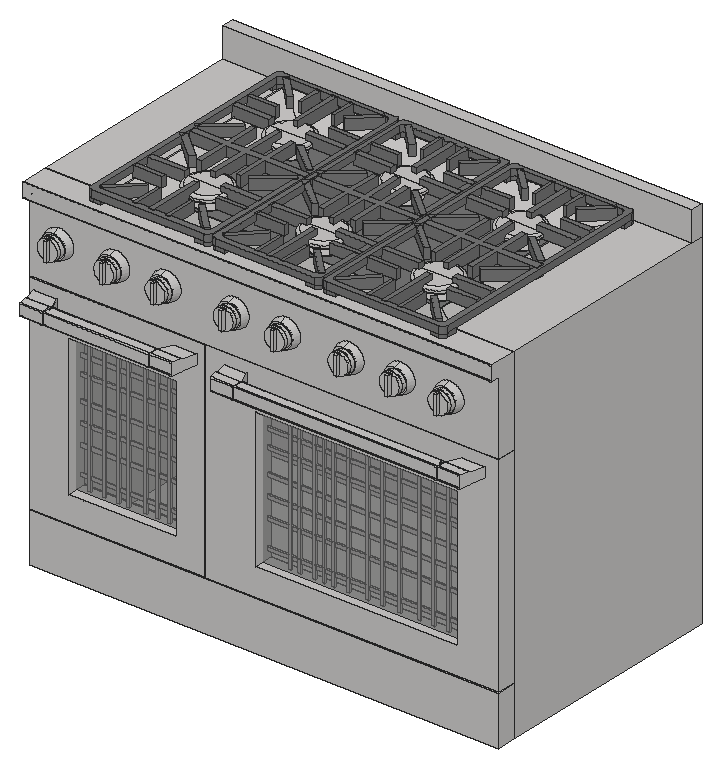
Revit family "HGPR48_Revit", category Specialty Equipment, Revit 2014 (continued)
Dimensions and locks (in)
  equal spacing: plane 4, plane 1 "Center (Front/Back)", plane 5
  "Depth": plane 4 to plane 5
  "Height": plane 8 to plane 2
  plane 5 to plane 4 = 24"
  plane 9 to plane 4 = 26"
  plane 11 to plane 4 = 26 7/8"
  plane 12 to plane 4 = 28 1/2"
  locked: plane 13 to plane 8 at 1.0625
  locked: plane 8 to plane 14 at 1.5
  Extrusion 2 sketch curve to Extrusion 2 sketch curve = 9"
  plane 15 to plane 8 = 3"
  plane 16 to plane 4 = 1 1/4"
  aligned and locked: level to plane 2
  aligned and locked: plane 4 to Extrusion 1
  aligned and locked: Extrusion 1 to plane 5
  aligned and locked: Extrusion 2 to plane 6
  aligned and locked: plane 7 to Extrusion 2
  aligned and locked: Extrusion 21 to Extrusion 17
  aligned and locked: Extrusion 53 to plane 6
Automatic sketch dimensions
  Extrusion 1 sketch curve to plane 6 = 0"
  Extrusion 1 sketch curve to plane 8 = 0"  (x2)
  Extrusion 1 sketch curve to plane 7 = 0"
  Extrusion 1 sketch curve to plane 10 = 0"
  plane 6 to Extrusion 1 sketch curve = 0.54402"
  Extrusion 1 sketch curve to plane 7 = 0.33098"
  plane 10 to Extrusion 1 sketch curve = 0.38848"
  Extrusion 2 sketch curve to plane 11 = 0"
  Extrusion 2 sketch curve to plane 8 = 0"
  Extrusion 2 sketch curve to plane 14 = 0"
  Extrusion 2 sketch curve to plane 9 = 0"  (x2)
  Extrusion 2 sketch curve to plane 5 = 0"  (x2)
  plane 11 to Extrusion 2 sketch curve = 0.03053"
  Extrusion 2 sketch curve to Extrusion 2 sketch curve = 1/32"  (x2)
  plane 10 to Extrusion 2 sketch curve = 4.96852"
  Extrusion 2 sketch curve to plane 10 = 0.03148"
  plane 6 to Extrusion 3 sketch curve = 3.95746"
  Extrusion 3 sketch curve to plane 3 "Center (Left/Right)" = 8.99618"
  Extrusion 3 sketch curve to plane 3 "Center (Left/Right)" = 0.88482"
  Extrusion 3 sketch curve to plane 7 = 4.16754"
  plane 10 to Extrusion 3 sketch curve = 7.87749"  (x2)
  Extrusion 3 sketch curve to plane 14 = 11.87251"
  Extrusion 3 sketch curve to Extrusion 3 sketch curve = 0"
  Revolve 4 sketch curve to plane 10 = 0"
  Revolve 4 sketch curve to level = 0"
  plane 5 to Revolve 4 sketch curve = 1 3/4"
  level to Revolve 4 sketch curve = 0.64613"
  Revolve 4 sketch curve to Revolve 4 sketch curve = 0.10387"  (x2)
  Revolve 4 sketch curve to Revolve 4 sketch curve = 0.04885"
  Revolve 4 sketch curve to Revolve 4 sketch curve = 0.71521"
  level to Revolve 4 sketch curve = 0.08461"
  Revolve 4 sketch curve to Revolve 4 sketch curve = 0.61135"
  Revolve 4 sketch curve to Revolve 4 sketch curve = 0.35387"
  Revolve 4 sketch curve to plane 10 = 0.38394"
  plane 10 to Revolve 5 sketch curve = 0.02133"
  plane 5 to Revolve 5 sketch curve = 1.75446"
  level to Revolve 5 sketch curve = 0.66746"
  Revolve 5 sketch curve to Revolve 5 sketch curve = 0.10387"  (x2)
  level to Revolve 5 sketch curve = 0.02133"
  Revolve 5 sketch curve to Revolve 5 sketch curve = 0.04885"
  Revolve 5 sketch curve to Revolve 5 sketch curve = 0.71521"
  Revolve 5 sketch curve to Revolve 5 sketch curve = 0.08461"
  Revolve 5 sketch curve to Revolve 5 sketch curve = 0.61135"
  Revolve 5 sketch curve to plane 10 = 0.36261"
  Revolve 5 sketch curve to Revolve 5 sketch curve = 0.61606"
  Revolve 6 sketch curve to plane 10 = 0"
  Revolve 6 sketch curve to level = 0"
  Revolve 6 sketch curve to plane 4 = 1 3/4"
  level to Revolve 6 sketch curve = 0.64613"
  Revolve 6 sketch curve to Revolve 6 sketch curve = 0.10387"  (x2)
  Revolve 6 sketch curve to Revolve 6 sketch curve = 0.04885"
  Revolve 6 sketch curve to Revolve 6 sketch curve = 0.71521"
  level to Revolve 6 sketch curve = 0.08461"
  Revolve 6 sketch curve to Revolve 6 sketch curve = 0.61135"
  Revolve 6 sketch curve to plane 10 = 0.38394"
  Revolve 6 sketch curve to Revolve 6 sketch curve = 0.61606"
  plane 10 to Revolve 7 sketch curve = 0.02133"
  Revolve 7 sketch curve to plane 4 = 1.74554"
  level to Revolve 7 sketch curve = 0.66746"
  Revolve 7 sketch curve to Revolve 7 sketch curve = 0.10387"  (x2)
  level to Revolve 7 sketch curve = 0.02133"
  Revolve 7 sketch curve to Revolve 7 sketch curve = 0.04885"
  Revolve 7 sketch curve to Revolve 7 sketch curve = 0.71521"
  Revolve 7 sketch curve to Revolve 7 sketch curve = 0.08461"
  Revolve 7 sketch curve to Revolve 7 sketch curve = 0.61135"
  Revolve 7 sketch curve to Revolve 7 sketch curve = 0.35387"
  Revolve 7 sketch curve to plane 10 = 0.36261"
  Extrusion 8 sketch curve to Extrusion 1 = 0"  (x4)
  plane 6 to Extrusion 9 sketch curve = 4.82012"
  Extrusion 9 sketch curve to Extrusion 9 sketch curve = 75/256"  (x21)
  Extrusion 9 sketch curve to Extrusion 9 sketch curve = 1 53/256"  (x6)
  Extrusion 9 sketch curve to Extrusion 9 sketch curve = 0.69186"  (x2)
  Extrusion 9 sketch curve to Extrusion 9 sketch curve = 1 117/256"
  Extrusion 9 sketch curve to Extrusion 9 sketch curve = 0.93149"  (x2)
  Extrusion 9 sketch curve to Extrusion 9 sketch curve = 1 181/256"  (x2)
  Extrusion 9 sketch curve to Extrusion 9 sketch curve = 1.03146"
  plane 3 "Center (Left/Right)" to Extrusion 9 sketch curve = 1.36518"
  Extrusion 9 sketch curve to Extrusion 9 sketch curve = 181/256"  (x2)
  Extrusion 9 sketch curve to Extrusion 9 sketch curve = 1.18149"
  Extrusion 9 sketch curve to Extrusion 9 sketch curve = 1.69373"
  Extrusion 9 sketch curve to Extrusion 9 sketch curve = 1.47037"
  plane 10 to Extrusion 9 sketch curve = 7.73528"
  Extrusion 9 sketch curve to Extrusion 9 sketch curve = 0"  (x34)
  plane 10 to Extrusion 9 sketch curve = 7.79033"  (x2)
  Extrusion 9 sketch curve to Extrusion 9 sketch curve = 0.05505"  (x4)
  Extrusion 9 sketch curve to plane 14 = 12.01472"
  plane 6 to Extrusion 10 sketch curve = 3.95746"  (x2)
  Extrusion 10 sketch curve to Extrusion 10 sketch curve = 0"  (x14)
  Extrusion 10 sketch curve to plane 3 "Center (Left/Right)" = 8.91754"
  Extrusion 10 sketch curve to plane 3 "Center (Left/Right)" = 0.91754"  (x6)
  Extrusion 10 sketch curve to plane 7 = 4.16754"
  plane 10 to Extrusion 10 sketch curve = 8.84665"  (x2)
  Extrusion 10 sketch curve to Extrusion 10 sketch curve = 0.38211"  (x12)
  Extrusion 10 sketch curve to Extrusion 10 sketch curve = 2.36789"  (x2)
  Extrusion 10 sketch curve to Extrusion 10 sketch curve = 1.61789"  (x4)
  Extrusion 10 sketch curve to Extrusion 10 sketch curve = 2.11789"  (x2)
  Extrusion 10 sketch curve to Extrusion 10 sketch curve = 1.36789"  (x2)
  Revolve 11 sketch curve to plane 9 = 0"
  plane 11 to Revolve 11 sketch curve = 1/8"
  Revolve 11 sketch curve to plane 11 = 0.26351"
  Revolve 11 sketch curve to Revolve 11 sketch curve = 0.33385"
  Revolve 11 sketch curve to plane 14 = 3.49702"
  Revolve 11 sketch curve to Revolve 11 sketch curve = 1.02677"
  Revolve 11 sketch curve to Revolve 11 sketch curve = 0.06726"
  Revolve 11 sketch curve to Revolve 11 sketch curve = 0.13737"
  Revolve 11 sketch curve to Revolve 11 sketch curve = 0.20096"
  Revolve 11 sketch curve to plane 9 = 1/4"
  Revolve 11 sketch curve to plane 11 = 1/8"
  Revolve 11 sketch curve to Revolve 11 sketch curve = 0"
  Extrusion 12 sketch curve to plane 7 = 5.20271"
  Extrusion 12 sketch curve to Extrusion 12 sketch curve = 0.30095"
  Extrusion 12 sketch curve to plane 14 = 4.4534"
  Extrusion 12 sketch curve to Extrusion 12 sketch curve = 1.89996"
  Blend 13 sketch curve to plane 5 = 0"
  Blend 13 sketch curve to plane 4 = 1.22905"
  plane 6 to Blend 13 sketch curve = 6.60652"
  Blend 13 sketch curve to plane 7 = 6.39348"
  plane 5 to Blend 13 sketch curve = 2.80878"
  plane 6 to Blend 13 sketch curve = 9.65712"
  Blend 13 sketch curve to plane 7 = 9.84288"
  Blend 13 sketch curve to plane 4 = 4.19122"
  Blend 14 sketch curve to plane 5 = 0"
  Blend 14 sketch curve to plane 4 = 1.47905"
  plane 6 to Blend 14 sketch curve = 6.60652"
  Blend 14 sketch curve to plane 7 = 6.39348"
  plane 5 to Blend 14 sketch curve = 3.54791"
  plane 6 to Blend 14 sketch curve = 10.65712"
  Blend 14 sketch curve to plane 7 = 10.34288"
  Blend 14 sketch curve to plane 4 = 4.93035"
  Blend 13 to Extrusion 15 sketch curve = 0.73913"  (x2)
  Blend 13 to Extrusion 15 sketch curve = 1/2"
  Blend 13 to Extrusion 15 sketch curve = 1"
  plane 8 to Revolve 16 sketch curve = 1/32"
  plane 6 to Revolve 16 sketch curve = 10 1/8"
  Revolve 16 sketch curve to plane 8 = 0.3223"
  Revolve 16 sketch curve to Revolve 16 sketch curve = 0"  (x2)
  Revolve 16 sketch curve to Revolve 16 sketch curve = 0.08277"
  Revolve 16 sketch curve to plane 8 = 0.09852"
  Revolve 16 sketch curve to Revolve 16 sketch curve = 0.047"  (x2)
  Revolve 16 sketch curve to plane 8 = 0.19253"
  plane 14 to Revolve 16 sketch curve = 0.70035"
  Revolve 16 sketch curve to Revolve 16 sketch curve = 0.1853"
  Revolve 16 sketch curve to Revolve 16 sketch curve = 1/4"
  Revolve 16 sketch curve to Revolve 16 sketch curve = 0.0647"
  plane 14 to Revolve 16 sketch curve = 0.55589"
  Revolve 16 sketch curve to Revolve 16 sketch curve = 0.53915"
  Revolve 16 sketch curve to plane 14 = 0.23056"
  Revolve 16 sketch curve to Revolve 16 sketch curve = 0.45405"
  Revolve 16 sketch curve to Revolve 16 sketch curve = 1.0715"
  plane 8 to Revolve 16 sketch curve = 9/32"
  plane 14 to Revolve 16 sketch curve = 0.63472"
  Revolve 16 sketch curve to Revolve 16 sketch curve = 0.10347"
  Extrusion 17 sketch curve to plane 9 = 0"  (x3)
  plane 9 to Extrusion 17 sketch curve = 1/2"
  plane 6 to Extrusion 17 sketch curve = 5.85652"
  Extrusion 17 sketch curve to Extrusion 17 sketch curve = 1/2"  (x15)
  Extrusion 17 sketch curve to Extrusion 17 sketch curve = 0.01964"
  Extrusion 17 sketch curve to Extrusion 17 sketch curve = 0.51964"  (x5)
  Extrusion 17 sketch curve to plane 4 = 1.97156"  (x2)
  Extrusion 17 sketch curve to plane 3 "Center (Left/Right)" = 6.68634"  (x2)
  Extrusion 17 sketch curve to plane 5 = 0.90906"
  Extrusion 17 sketch curve to Extrusion 17 sketch curve = 0.49884"  (x5)
  Extrusion 17 sketch curve to Extrusion 17 sketch curve = 3/16"
  Extrusion 17 sketch curve to plane 4 = 2.47156"
  plane 3 "Center (Left/Right)" to Extrusion 17 sketch curve = 4.62384"  (x2)
  plane 9 to Extrusion 17 sketch curve = 0.59094"  (x2)
  Extrusion 17 sketch curve to Extrusion 17 sketch curve = 0.23152"
  Extrusion 17 sketch curve to plane 7 = 6.62616"  (x2)
  Extrusion 17 sketch curve to Extrusion 17 sketch curve = 0.55501"  (x2)
  Extrusion 17 sketch curve to Extrusion 17 sketch curve = 0.05501"
  plane 8 to Revolve 18 sketch curve = 1/32"
  plane 6 to Revolve 18 sketch curve = 10 1/8"
  Revolve 18 sketch curve to plane 8 = 0.3223"
  Revolve 18 sketch curve to Revolve 18 sketch curve = 0"  (x2)
  Revolve 18 sketch curve to Revolve 18 sketch curve = 0.08277"
  Revolve 18 sketch curve to plane 8 = 0.09852"
  Revolve 18 sketch curve to Revolve 18 sketch curve = 0.047"  (x2)
  Revolve 18 sketch curve to plane 8 = 0.19253"
  plane 14 to Revolve 18 sketch curve = 0.70035"
  Revolve 18 sketch curve to Revolve 18 sketch curve = 0.1853"
  Revolve 18 sketch curve to Revolve 18 sketch curve = 1/4"  (x3)
  plane 14 to Revolve 18 sketch curve = 0.55589"
  Revolve 18 sketch curve to Revolve 18 sketch curve = 0.53915"
  Revolve 18 sketch curve to plane 14 = 0.23056"
  Revolve 18 sketch curve to Revolve 18 sketch curve = 0.45405"
  Revolve 18 sketch curve to Revolve 18 sketch curve = 1.0715"
  Revolve 18 sketch curve to Revolve 18 sketch curve = 0.10347"
  plane 14 to Revolve 18 sketch curve = 0.63472"
  plane 8 to Revolve 19 sketch curve = 1/32"
  Revolve 19 sketch curve to plane 7 = 9 3/4"
  Revolve 19 sketch curve to plane 8 = 0.3223"
  Revolve 19 sketch curve to Revolve 19 sketch curve = 0"  (x2)
  Revolve 19 sketch curve to Revolve 19 sketch curve = 0.08277"
  Revolve 19 sketch curve to plane 8 = 0.09852"
  Revolve 19 sketch curve to Revolve 19 sketch curve = 0.047"  (x2)
  Revolve 19 sketch curve to plane 8 = 0.19253"
  plane 14 to Revolve 19 sketch curve = 0.70035"
  Revolve 19 sketch curve to Revolve 19 sketch curve = 0.1853"
  Revolve 19 sketch curve to Revolve 19 sketch curve = 1/4"  (x2)
  Revolve 19 sketch curve to Revolve 19 sketch curve = 0.0647"
  plane 14 to Revolve 19 sketch curve = 0.55589"
  Revolve 19 sketch curve to Revolve 19 sketch curve = 0.53915"
  Revolve 19 sketch curve to plane 14 = 0.23056"
  Revolve 19 sketch curve to Revolve 19 sketch curve = 0.45405"
  Revolve 19 sketch curve to Revolve 19 sketch curve = 1.0715"
  Revolve 19 sketch curve to Revolve 19 sketch curve = 0.10347"
  plane 14 to Revolve 19 sketch curve = 0.63472"
  plane 8 to Revolve 20 sketch curve = 1/32"
  Revolve 20 sketch curve to plane 7 = 9 3/4"
  Revolve 20 sketch curve to plane 8 = 0.3223"
  Revolve 20 sketch curve to Revolve 20 sketch curve = 0"  (x2)
  Revolve 20 sketch curve to Revolve 20 sketch curve = 0.08277"
  Revolve 20 sketch curve to plane 8 = 0.09852"
  Revolve 20 sketch curve to Revolve 20 sketch curve = 0.047"  (x2)
  Revolve 20 sketch curve to plane 8 = 0.19253"
  plane 14 to Revolve 20 sketch curve = 0.70035"
  Revolve 20 sketch curve to Revolve 20 sketch curve = 0.1853"
  Revolve 20 sketch curve to Revolve 20 sketch curve = 1/4"  (x2)
  plane 14 to Revolve 20 sketch curve = 0.55589"
  Revolve 20 sketch curve to Revolve 20 sketch curve = 0.53915"
  Revolve 20 sketch curve to plane 14 = 0.23056"
  Revolve 20 sketch curve to Revolve 20 sketch curve = 0.45405"
  Revolve 20 sketch curve to Revolve 20 sketch curve = 1.0715"
  plane 8 to Revolve 20 sketch curve = 9/32"
  plane 14 to Revolve 20 sketch curve = 0.63472"
  Revolve 20 sketch curve to Revolve 20 sketch curve = 0.10347"
  Extrusion 21 sketch curve to plane 5 = 0.49042"  (x2)
  plane 6 to Extrusion 21 sketch curve = 5.85652"  (x2)
  Extrusion 21 sketch curve to plane 4 = 1.91655"
  plane 9 to Extrusion 21 sketch curve = 0.04155"  (x6)
  Extrusion 21 sketch curve to Extrusion 21 sketch curve = 1/2"  (x18)
  Extrusion 21 sketch curve to Extrusion 21 sketch curve = 0.51964"  (x16)
  Extrusion 21 sketch curve to Extrusion 21 sketch curve = 0.38691"  (x12)
  Extrusion 21 sketch curve to plane 3 "Center (Left/Right)" = 7.13575"  (x2)
  Extrusion 21 sketch curve to plane 4 = 1.41655"  (x3)
  Extrusion 21 sketch curve to Extrusion 21 sketch curve = 0.22919"  (x2)
  Extrusion 21 sketch curve to Extrusion 21 sketch curve = 0.01964"  (x2)
  plane 9 to Extrusion 21 sketch curve = 0.59656"
  plane 3 "Center (Left/Right)" to Extrusion 21 sketch curve = 4.19523"  (x2)
  Extrusion 21 sketch curve to Extrusion 21 sketch curve = 0.2524"  (x2)
  Extrusion 21 sketch curve to plane 7 = 7.01308"  (x2)
  Extrusion 21 sketch curve to Extrusion 21 sketch curve = 0.55501"  (x4)
  Extrusion 21 sketch curve to Extrusion 21 sketch curve = 0.05501"
  Extrusion 21 sketch curve to Extrusion 21 sketch curve = 0.41301"  (x10)
  Extrusion 21 sketch curve to Extrusion 21 sketch curve = 0.96803"  (x4)
  Extrusion 21 sketch curve to Extrusion 21 sketch curve = 0"  (x4)
  plane 1 "Center (Front/Back)" to Extrusion 22 sketch curve = 0.33908"  (x6)
  plane 6 to Extrusion 22 sketch curve = 5.97767"
  plane 1 "Center (Front/Back)" to Extrusion 22 sketch curve = 2.22905"  (x6)
  Extrusion 22 sketch curve to Extrusion 22 sketch curve = 0"  (x29)
  plane 1 "Center (Front/Back)" to Extrusion 22 sketch curve = 0.69263"  (x6)
  Extrusion 22 sketch curve to Extrusion 22 sketch curve = 0.35355"  (x32)
  plane 1 "Center (Front/Back)" to Extrusion 22 sketch curve = 1.8755"  (x6)
  Extrusion 22 sketch curve to Extrusion 22 sketch curve = 0.04494"  (x3)
  Extrusion 22 sketch curve to plane 4 = 2.0588"  (x3)
  plane 6 to Extrusion 22 sketch curve = 6.75116"
  Extrusion 22 sketch curve to Extrusion 22 sketch curve = 3/8"
  Extrusion 22 sketch curve to Extrusion 22 sketch curve = 0.39849"
  Extrusion 22 sketch curve to plane 5 = 0.88433"  (x3)
  Extrusion 22 sketch curve to plane 4 = 1.71597"  (x6)
  Extrusion 22 sketch curve to Extrusion 22 sketch curve = 0.34283"  (x12)
  plane 9 to Extrusion 22 sketch curve = 0.77284"  (x6)
  Extrusion 22 sketch curve to plane 1 "Center (Front/Back)" = 2.19784"  (x4)
  Extrusion 22 sketch curve to Extrusion 22 sketch curve = 2.56177"  (x4)
  plane 5 to Extrusion 22 sketch curve = 1.76732"  (x6)
  Extrusion 22 sketch curve to plane 4 = 4.33545"  (x4)
  Extrusion 22 sketch curve to plane 1 "Center (Front/Back)" = 1.84429"  (x6)
  plane 1 "Center (Front/Back)" to Extrusion 22 sketch curve = 4.41242"  (x4)
  Extrusion 22 sketch curve to Extrusion 22 sketch curve = 0.34835"  (x6)
  Extrusion 22 sketch curve to Extrusion 22 sketch curve = 0.44539"  (x5)
  Extrusion 22 sketch curve to Extrusion 22 sketch curve = 0.74123"  (x5)
  Extrusion 22 sketch curve to plane 4 = 1.87314"  (x7)
  Extrusion 22 sketch curve to Extrusion 22 sketch curve = 0.46763"  (x20)
  Extrusion 22 sketch curve to Extrusion 22 sketch curve = 0.84662"  (x5)
  Extrusion 22 sketch curve to Extrusion 22 sketch curve = 0.34263"  (x12)
  plane 9 to Extrusion 22 sketch curve = 0.55501"  (x9)
  Extrusion 22 sketch curve to Extrusion 22 sketch curve = 1.28237"
  Extrusion 22 sketch curve to Extrusion 22 sketch curve = 1.51409"
  Extrusion 22 sketch curve to Extrusion 22 sketch curve = 1.53237"  (x4)
  Extrusion 22 sketch curve to Extrusion 22 sketch curve = 1.31473"  (x2)
  Extrusion 22 sketch curve to Extrusion 22 sketch curve = 0.22784"  (x3)
  Extrusion 22 sketch curve to Extrusion 22 sketch curve = 1.7602"
  plane 5 to Extrusion 22 sketch curve = 1.42449"  (x2)
  Extrusion 22 sketch curve to Extrusion 22 sketch curve = 0.70886"  (x6)
  Extrusion 22 sketch curve to Extrusion 22 sketch curve = 0.50401"  (x6)
  Extrusion 22 sketch curve to Extrusion 22 sketch curve = 0.94946"  (x5)
  Extrusion 22 sketch curve to Extrusion 22 sketch curve = 2.98551"  (x3)
  Extrusion 22 sketch curve to Extrusion 22 sketch curve = 3.46427"  (x3)
  Extrusion 22 sketch curve to Extrusion 22 sketch curve = 3"  (x5)
  Extrusion 22 sketch curve to Extrusion 22 sketch curve = 0.29017"  (x2)
  Extrusion 22 sketch curve to Extrusion 22 sketch curve = 0.45534"  (x2)
  Extrusion 22 sketch curve to Extrusion 22 sketch curve = 2.06095"
  Extrusion 22 sketch curve to Extrusion 22 sketch curve = 1.06483"  (x4)
  Extrusion 22 sketch curve to Extrusion 22 sketch curve = 1.31095"
  Extrusion 22 sketch curve to plane 3 "Center (Left/Right)" = 2.56207"  (x2)
  Extrusion 22 sketch curve to plane 3 "Center (Left/Right)" = 2.47219"
  Extrusion 22 sketch curve to plane 3 "Center (Left/Right)" = 1.38813"
  Extrusion 22 sketch curve to plane 3 "Center (Left/Right)" = 1.27721"  (x2)
  Extrusion 22 sketch curve to plane 3 "Center (Left/Right)" = 0.13813"  (x4)
  plane 3 "Center (Left/Right)" to Extrusion 22 sketch curve = 0.32951"  (x4)
  Extrusion 22 sketch curve to Extrusion 22 sketch curve = 0.93973"
  plane 3 "Center (Left/Right)" to Extrusion 22 sketch curve = 1.26924"
  Extrusion 22 sketch curve to Extrusion 22 sketch curve = 1.15737"  (x2)
  Extrusion 22 sketch curve to Extrusion 22 sketch curve = 1.3852"  (x2)
  Extrusion 22 sketch curve to Extrusion 22 sketch curve = 3.36051"
  Extrusion 22 sketch curve to Extrusion 22 sketch curve = 2.74927"
  Extrusion 22 sketch curve to Extrusion 22 sketch curve = 0.26872"
  Extrusion 22 sketch curve to Extrusion 22 sketch curve = 0.20301"  (x2)
  Extrusion 22 sketch curve to Extrusion 22 sketch curve = 13/16"  (x4)
  Extrusion 22 sketch curve to Extrusion 22 sketch curve = 1.80862"
  Extrusion 22 sketch curve to Extrusion 22 sketch curve = 1.05862"
  Extrusion 22 sketch curve to Extrusion 22 sketch curve = 1.38909"  (x2)
  Extrusion 22 sketch curve to Extrusion 22 sketch curve = 1.40737"  (x2)
  Extrusion 22 sketch curve to Extrusion 22 sketch curve = 2.81473"
  Extrusion 22 sketch curve to Extrusion 22 sketch curve = 1.18973"
  Extrusion 22 sketch curve to Extrusion 22 sketch curve = 0.2768"  (x12)
  Extrusion 22 sketch curve to Extrusion 22 sketch curve = 1.46121"  (x7)
  Extrusion 22 sketch curve to Extrusion 22 sketch curve = 7/16"  (x12)
  Extrusion 22 sketch curve to Extrusion 22 sketch curve = 0.65897"  (x3)
  Extrusion 22 sketch curve to Extrusion 22 sketch curve = 1.36641"  (x8)
  Extrusion 22 sketch curve to Extrusion 22 sketch curve = 0.70743"  (x5)
  Extrusion 22 sketch curve to Extrusion 22 sketch curve = 0.5795"  (x12)
  Extrusion 22 sketch curve to Extrusion 22 sketch curve = 0.89493"  (x5)
  Extrusion 22 sketch curve to Extrusion 22 sketch curve = 1.62209"  (x2)
  Extrusion 22 sketch curve to Extrusion 22 sketch curve = 0.33071"  (x10)
  Extrusion 22 sketch curve to Extrusion 22 sketch curve = 0.02284"  (x2)
  plane 1 "Center (Front/Back)" to Extrusion 22 sketch curve = 1.63544"  (x4)
  Extrusion 22 sketch curve to Extrusion 22 sketch curve = 0.59361"  (x2)
  Extrusion 22 sketch curve to Extrusion 22 sketch curve = 0.24006"  (x2)
  Extrusion 22 sketch curve to Extrusion 22 sketch curve = 0.70275"  (x4)
  Extrusion 22 sketch curve to Extrusion 22 sketch curve = 0.19305"  (x3)
  Extrusion 22 sketch curve to Extrusion 22 sketch curve = 3/4"  (x3)
  Extrusion 22 sketch curve to Extrusion 22 sketch curve = 1.64493"  (x4)
  plane 8 to Revolve 23 sketch curve = 1/32"
  plane 3 "Center (Left/Right)" to Revolve 23 sketch curve = 2 1/2"
  Revolve 23 sketch curve to plane 8 = 0.3223"
  Revolve 23 sketch curve to Revolve 23 sketch curve = 0"
  Revolve 23 sketch curve to Revolve 23 sketch curve = 0.08277"
  Revolve 23 sketch curve to plane 8 = 0.09852"
  Revolve 23 sketch curve to Revolve 23 sketch curve = 0.047"  (x2)
  Revolve 23 sketch curve to plane 8 = 0.19253"
  plane 14 to Revolve 23 sketch curve = 0.70035"
  Revolve 23 sketch curve to Revolve 23 sketch curve = 0.1853"
  Revolve 23 sketch curve to Revolve 23 sketch curve = 1/4"  (x2)
  Revolve 23 sketch curve to Revolve 23 sketch curve = 0.0647"
  plane 14 to Revolve 23 sketch curve = 0.55589"
  Revolve 23 sketch curve to Revolve 23 sketch curve = 0.53915"
  Revolve 23 sketch curve to plane 14 = 0.23056"
  Revolve 23 sketch curve to Revolve 23 sketch curve = 0.45405"
  plane 3 "Center (Left/Right)" to Revolve 23 sketch curve = 1/4"  (x2)
  Revolve 23 sketch curve to Revolve 23 sketch curve = 0.10347"
  plane 14 to Revolve 23 sketch curve = 0.63472"
  plane 8 to Revolve 24 sketch curve = 1/32"
  plane 3 "Center (Left/Right)" to Revolve 24 sketch curve = 2 1/2"
  Revolve 24 sketch curve to plane 8 = 0.3223"
  Revolve 24 sketch curve to Revolve 24 sketch curve = 0"
  Revolve 24 sketch curve to Revolve 24 sketch curve = 0.08277"
  Revolve 24 sketch curve to plane 8 = 0.09852"
  Revolve 24 sketch curve to Revolve 24 sketch curve = 0.047"  (x2)
  Revolve 24 sketch curve to plane 8 = 0.19253"
  plane 14 to Revolve 24 sketch curve = 0.70035"
  Revolve 24 sketch curve to Revolve 24 sketch curve = 0.1853"
  Revolve 24 sketch curve to Revolve 24 sketch curve = 1/4"  (x2)
  plane 14 to Revolve 24 sketch curve = 0.55589"
  Revolve 24 sketch curve to Revolve 24 sketch curve = 0.53915"
  Revolve 24 sketch curve to plane 14 = 0.23056"
  Revolve 24 sketch curve to Revolve 24 sketch curve = 0.45405"
  plane 3 "Center (Left/Right)" to Revolve 24 sketch curve = 1/4"  (x2)
  plane 8 to Revolve 24 sketch curve = 9/32"
  plane 14 to Revolve 24 sketch curve = 0.63472"
  Revolve 24 sketch curve to Revolve 24 sketch curve = 0.10347"
  Extrusion 25 sketch curve to plane 5 = 0"  (x2)
  plane 6 to Extrusion 25 sketch curve = 0.54402"
  Extrusion 25 sketch curve to Extrusion 25 sketch curve = 6 1/16"
  Extrusion 25 sketch curve to plane 7 = 6.39348"
  Extrusion 25 sketch curve to plane 7 = 0.33098"
  Extrusion 25 sketch curve to plane 4 = 0.60405"  (x2)
  plane 10 to Revolve 26 sketch curve = 0.02133"
  plane 5 to Revolve 26 sketch curve = 1.75446"
  level to Revolve 26 sketch curve = 0.66746"
  Revolve 26 sketch curve to Revolve 26 sketch curve = 0.10387"  (x2)
  level to Revolve 26 sketch curve = 0.02133"
  Revolve 26 sketch curve to Revolve 26 sketch curve = 0.04885"
  Revolve 26 sketch curve to Revolve 26 sketch curve = 0.71521"
  Revolve 26 sketch curve to Revolve 26 sketch curve = 0.08461"
  Revolve 26 sketch curve to Revolve 26 sketch curve = 0.61135"
  Revolve 26 sketch curve to plane 10 = 0.36261"
  Revolve 26 sketch curve to Revolve 26 sketch curve = 0.61606"
  plane 10 to Revolve 27 sketch curve = 0.02133"
  Revolve 27 sketch curve to plane 4 = 1.74554"
  level to Revolve 27 sketch curve = 0.66746"
  Revolve 27 sketch curve to Revolve 27 sketch curve = 0.10387"  (x2)
  level to Revolve 27 sketch curve = 0.02133"
  Revolve 27 sketch curve to Revolve 27 sketch curve = 0.04885"
  Revolve 27 sketch curve to Revolve 27 sketch curve = 0.71521"
  Revolve 27 sketch curve to Revolve 27 sketch curve = 0.08461"
  Revolve 27 sketch curve to Revolve 27 sketch curve = 0.61135"
  Revolve 27 sketch curve to Revolve 27 sketch curve = 0.35387"
  Revolve 27 sketch curve to plane 10 = 0.36261"
  Extrusion 28 sketch curve to plane 12 = 0"
  Extrusion 28 sketch curve to plane 9 = 0"
  Extrusion 28 sketch curve to Extrusion 28 sketch curve = 0.07567"
  plane 12 to Extrusion 28 sketch curve = 0.07689"
  Extrusion 28 sketch curve to plane 11 = 0.67"
  Extrusion 28 sketch curve to plane 11 = 0.66087"
  Extrusion 28 sketch curve to Extrusion 28 sketch curve = 0.06124"
  Extrusion 28 sketch curve to Extrusion 28 sketch curve = 0.07682"
  Extrusion 28 sketch curve to Extrusion 28 sketch curve = 0.05381"
  Extrusion 28 sketch curve to Extrusion 28 sketch curve = 0.04883"
  Extrusion 28 sketch curve to Extrusion 28 sketch curve = 0.03954"  (x2)
  Extrusion 28 sketch curve to Extrusion 28 sketch curve = 0.04388"
  Extrusion 28 sketch curve to plane 14 = 9 53/64"
  Extrusion 28 sketch curve to Extrusion 28 sketch curve = 0.02537"
  Extrusion 28 sketch curve to Extrusion 28 sketch curve = 0.01427"
  Extrusion 28 sketch curve to Extrusion 28 sketch curve = 1.05476"
  Extrusion 28 sketch curve to Extrusion 28 sketch curve = 0.00981"
  Extrusion 28 sketch curve to Extrusion 28 sketch curve = 0.01818"
  Extrusion 28 sketch curve to Extrusion 28 sketch curve = 0.03297"
  Extrusion 29 sketch curve to plane 9 = 0"
  plane 9 to Extrusion 29 sketch curve = 0.04318"
  Extrusion 29 sketch curve to plane 7 = 4.50319"
  Extrusion 29 sketch curve to Extrusion 29 sketch curve = 0.81194"
  Extrusion 29 sketch curve to plane 12 = 0.28043"
  Extrusion 29 sketch curve to plane 7 = 2.04901"
  Extrusion 29 sketch curve to plane 7 = 1.43597"
  Extrusion 29 sketch curve to plane 9 = 1/8"
  Extrusion 29 sketch curve to Extrusion 29 sketch curve = 0.21651"
  plane 12 to Extrusion 29 sketch curve = 0.63036"
  Extrusion 30 sketch curve to plane 12 = 0"
  Extrusion 30 sketch curve to plane 9 = 0"
  Extrusion 30 sketch curve to Extrusion 30 sketch curve = 0.07567"
  plane 12 to Extrusion 30 sketch curve = 0.07689"
  Extrusion 30 sketch curve to plane 11 = 0.67"
  Extrusion 30 sketch curve to plane 11 = 0.66087"
  Extrusion 30 sketch curve to Extrusion 30 sketch curve = 0.06124"
  Extrusion 30 sketch curve to Extrusion 30 sketch curve = 0.07682"
  Extrusion 30 sketch curve to Extrusion 30 sketch curve = 0.05381"
  Extrusion 30 sketch curve to Extrusion 30 sketch curve = 0.04883"
  Extrusion 30 sketch curve to Extrusion 30 sketch curve = 0.03954"
  Extrusion 30 sketch curve to Extrusion 30 sketch curve = 0.04388"  (x2)
  Extrusion 30 sketch curve to plane 14 = 8 37/64"
  Extrusion 30 sketch curve to Extrusion 30 sketch curve = 0.03182"
  Extrusion 30 sketch curve to Extrusion 30 sketch curve = 0.00495"
  Extrusion 30 sketch curve to Extrusion 30 sketch curve = 1.05562"
  Extrusion 30 sketch curve to Extrusion 30 sketch curve = 0.00895"
  Extrusion 30 sketch curve to Extrusion 30 sketch curve = 0.01638"
  Extrusion 30 sketch curve to Extrusion 30 sketch curve = 0.00972"
  Extrusion 31 sketch curve to plane 9 = 0"
  Extrusion 31 sketch curve to plane 9 = 0.04318"
  plane 3 "Center (Left/Right)" to Extrusion 31 sketch curve = 0.99681"
  Extrusion 31 sketch curve to Extrusion 31 sketch curve = 0.81194"
  plane 12 to Extrusion 31 sketch curve = 0.28043"
  Extrusion 31 sketch curve to Extrusion 31 sketch curve = 2.45418"
  Extrusion 31 sketch curve to Extrusion 31 sketch curve = 2.25528"
  plane 9 to Extrusion 31 sketch curve = 1/8"
  Extrusion 31 sketch curve to Extrusion 31 sketch curve = 0.21651"
  Extrusion 31 sketch curve to plane 12 = 0.63036"
  Extrusion 32 sketch curve to plane 12 = 0"
  plane 12 to Extrusion 32 sketch curve = 0.07162"
  plane 12 to Extrusion 32 sketch curve = 0.0746"
  Extrusion 32 sketch curve to plane 11 = 0.66029"
  Extrusion 32 sketch curve to plane 11 = 0.65532"
  Extrusion 32 sketch curve to Extrusion 32 sketch curve = 0.05177"
  Extrusion 32 sketch curve to Extrusion 32 sketch curve = 0.06025"
  Extrusion 32 sketch curve to Extrusion 32 sketch curve = 0.05811"
  Extrusion 32 sketch curve to Extrusion 32 sketch curve = 0.05611"
  Extrusion 32 sketch curve to Extrusion 32 sketch curve = 0.03871"
  Extrusion 32 sketch curve to Extrusion 32 sketch curve = 0.04285"
  Extrusion 32 sketch curve to Extrusion 32 sketch curve = 0.04345"
  Extrusion 32 sketch curve to Extrusion 32 sketch curve = 0.04496"
  Extrusion 32 sketch curve to plane 11 = 0.47485"
  Extrusion 32 sketch curve to Extrusion 32 sketch curve = 0.23194"
  Extrusion 32 sketch curve to plane 11 = 0.2317"
  Extrusion 32 sketch curve to plane 14 = 9.8281"
  Extrusion 32 sketch curve to Extrusion 32 sketch curve = 0.02144"
  Extrusion 32 sketch curve to Extrusion 32 sketch curve = 0.01938"
  Extrusion 32 sketch curve to Extrusion 32 sketch curve = 0.03872"
  Extrusion 32 sketch curve to Extrusion 32 sketch curve = 0.17852"
  Extrusion 32 sketch curve to Extrusion 32 sketch curve = 0.36607"
  Extrusion 32 sketch curve to Extrusion 32 sketch curve = 0.12333"
  Extrusion 32 sketch curve to Extrusion 32 sketch curve = 0.01358"
  Extrusion 32 sketch curve to Extrusion 32 sketch curve = 0.01774"
  Extrusion 32 sketch curve to Extrusion 32 sketch curve = 0.01062"
  Extrusion 33 sketch curve to plane 12 = 0"
  Extrusion 33 sketch curve to plane 9 = 0"
  Extrusion 33 sketch curve to Extrusion 33 sketch curve = 0.07567"
  plane 12 to Extrusion 33 sketch curve = 0.07689"
  Extrusion 33 sketch curve to plane 11 = 0.67"
  Extrusion 33 sketch curve to plane 11 = 0.66087"
  Extrusion 33 sketch curve to Extrusion 33 sketch curve = 0.06124"
  Extrusion 33 sketch curve to Extrusion 33 sketch curve = 0.07682"
  Extrusion 33 sketch curve to Extrusion 33 sketch curve = 0.05381"
  Extrusion 33 sketch curve to Extrusion 33 sketch curve = 0.04883"
  Extrusion 33 sketch curve to Extrusion 33 sketch curve = 0.03954"
  Extrusion 33 sketch curve to Extrusion 33 sketch curve = 0.04388"  (x2)
  Extrusion 33 sketch curve to plane 14 = 8 37/64"
  Extrusion 33 sketch curve to Extrusion 33 sketch curve = 0.03182"
  Extrusion 33 sketch curve to Extrusion 33 sketch curve = 0.00495"
  Extrusion 33 sketch curve to Extrusion 33 sketch curve = 1.05562"
  Extrusion 33 sketch curve to Extrusion 33 sketch curve = 0.00895"
  Extrusion 33 sketch curve to Extrusion 33 sketch curve = 0.01638"
  Extrusion 33 sketch curve to Extrusion 33 sketch curve = 0.00972"
  Extrusion 34 sketch curve to plane 9 = 0"
  plane 9 to Extrusion 34 sketch curve = 0.04318"
  plane 6 to Extrusion 34 sketch curve = 3.50319"
  Extrusion 34 sketch curve to Extrusion 34 sketch curve = 0.81194"
  Extrusion 34 sketch curve to plane 12 = 0.28043"
  plane 6 to Extrusion 34 sketch curve = 1.04901"
  plane 6 to Extrusion 34 sketch curve = 0.43597"
  plane 6 to Extrusion 34 sketch curve = 0.21947"
  Extrusion 34 sketch curve to plane 9 = 1/8"
  plane 12 to Extrusion 34 sketch curve = 0.63036"
  Extrusion 35 sketch curve to plane 12 = 0"
  Extrusion 35 sketch curve to plane 9 = 0"
  Extrusion 35 sketch curve to Extrusion 35 sketch curve = 0.07567"
  plane 12 to Extrusion 35 sketch curve = 0.07689"
  Extrusion 35 sketch curve to plane 11 = 0.67"
  Extrusion 35 sketch curve to plane 11 = 0.66087"
  Extrusion 35 sketch curve to Extrusion 35 sketch curve = 0.06124"
  Extrusion 35 sketch curve to Extrusion 35 sketch curve = 0.07682"
  Extrusion 35 sketch curve to Extrusion 35 sketch curve = 0.05381"
  Extrusion 35 sketch curve to Extrusion 35 sketch curve = 0.04883"
  Extrusion 35 sketch curve to Extrusion 35 sketch curve = 0.03954"  (x2)
  Extrusion 35 sketch curve to Extrusion 35 sketch curve = 0.04388"
  Extrusion 35 sketch curve to plane 14 = 9 53/64"
  Extrusion 35 sketch curve to Extrusion 35 sketch curve = 0.02537"
  Extrusion 35 sketch curve to Extrusion 35 sketch curve = 0.01427"
  Extrusion 35 sketch curve to Extrusion 35 sketch curve = 1.05476"
  Extrusion 35 sketch curve to Extrusion 35 sketch curve = 0.00981"
  Extrusion 35 sketch curve to Extrusion 35 sketch curve = 0.01818"
  Extrusion 35 sketch curve to Extrusion 35 sketch curve = 0.03297"
  Extrusion 36 sketch curve to plane 9 = 0"
  plane 9 to Extrusion 36 sketch curve = 0.04318"
  Extrusion 36 sketch curve to plane 3 "Center (Left/Right)" = 10.00319"
  Extrusion 36 sketch curve to Extrusion 36 sketch curve = 0.81194"
  Extrusion 36 sketch curve to plane 12 = 0.28043"
  Extrusion 36 sketch curve to Extrusion 36 sketch curve = 2.45418"
  Extrusion 36 sketch curve to Extrusion 36 sketch curve = 2.25528"
  Extrusion 36 sketch curve to plane 9 = 1/8"
  Extrusion 36 sketch curve to Extrusion 36 sketch curve = 0.21651"
  plane 12 to Extrusion 36 sketch curve = 0.63036"
  Extrusion 37 sketch curve to plane 12 = 0"
  plane 12 to Extrusion 37 sketch curve = 0.07162"
  plane 12 to Extrusion 37 sketch curve = 0.0746"
  Extrusion 37 sketch curve to plane 11 = 0.66029"
  Extrusion 37 sketch curve to plane 11 = 0.65532"
  Extrusion 37 sketch curve to Extrusion 37 sketch curve = 0.05177"
  Extrusion 37 sketch curve to Extrusion 37 sketch curve = 0.06025"
  Extrusion 37 sketch curve to Extrusion 37 sketch curve = 0.05811"
  Extrusion 37 sketch curve to Extrusion 37 sketch curve = 0.05611"
  Extrusion 37 sketch curve to Extrusion 37 sketch curve = 0.03871"
  Extrusion 37 sketch curve to Extrusion 37 sketch curve = 0.04285"
  Extrusion 37 sketch curve to Extrusion 37 sketch curve = 0.04345"
  Extrusion 37 sketch curve to Extrusion 37 sketch curve = 0.04496"
  Extrusion 37 sketch curve to plane 11 = 0.47485"
  Extrusion 37 sketch curve to Extrusion 37 sketch curve = 0.23194"
  Extrusion 37 sketch curve to plane 11 = 0.2317"
  Extrusion 37 sketch curve to plane 14 = 8.57815"
  Extrusion 37 sketch curve to Extrusion 37 sketch curve = 0.02495"
  Extrusion 37 sketch curve to Extrusion 37 sketch curve = 0.01324"
  Extrusion 37 sketch curve to Extrusion 37 sketch curve = 0.04286"
  Extrusion 37 sketch curve to Extrusion 37 sketch curve = 0.12333"
  Extrusion 37 sketch curve to Extrusion 37 sketch curve = 0.38802"
  Extrusion 37 sketch curve to Extrusion 37 sketch curve = 0.17852"
  Extrusion 37 sketch curve to Extrusion 37 sketch curve = 0.01567"
  Extrusion 37 sketch curve to Extrusion 37 sketch curve = 0.00632"
  Extrusion 37 sketch curve to Extrusion 37 sketch curve = 0.0016"
  Extrusion 38 sketch curve to plane 6 = 0"
  Extrusion 38 sketch curve to plane 7 = 0"
  plane 6 to Extrusion 38 sketch curve = 3.95746"
  Extrusion 38 sketch curve to plane 3 "Center (Left/Right)" = 8.99618"
  Extrusion 38 sketch curve to Extrusion 38 sketch curve = 2.87118"
  Extrusion 38 sketch curve to Extrusion 38 sketch curve = 1/8"
  Extrusion 38 sketch curve to plane 3 "Center (Left/Right)" = 0.88482"
  Extrusion 38 sketch curve to plane 7 = 4.16754"
  plane 10 to Extrusion 38 sketch curve = 5.10914"
  Extrusion 38 sketch curve to Extrusion 38 sketch curve = 0"  (x2)
  Extrusion 38 sketch curve to Extrusion 38 sketch curve = 2.68119"
  Extrusion 38 sketch curve to Extrusion 38 sketch curve = 2.76834"
  Extrusion 38 sketch curve to plane 14 = 11.87251"  (x2)
  Extrusion 38 sketch curve to Extrusion 38 sketch curve = 4.29439"
  Revolve 39 sketch curve to plane 9 = 0"
  plane 11 to Revolve 39 sketch curve = 1/8"
  Revolve 39 sketch curve to plane 11 = 0.26351"
  Revolve 39 sketch curve to Revolve 39 sketch curve = 0.33385"
  Revolve 39 sketch curve to plane 14 = 3.49702"
  Revolve 39 sketch curve to Revolve 39 sketch curve = 1.02677"
  Revolve 39 sketch curve to Revolve 39 sketch curve = 0.06726"
  Revolve 39 sketch curve to Revolve 39 sketch curve = 0.13737"
  Revolve 39 sketch curve to Revolve 39 sketch curve = 0.20096"
  Revolve 39 sketch curve to plane 9 = 1/4"
  Revolve 39 sketch curve to plane 11 = 1/8"
  Revolve 39 sketch curve to Revolve 39 sketch curve = 0"
  Extrusion 40 sketch curve to plane 14 = 4.4534"
  Extrusion 40 sketch curve to plane 7 = 10.20271"
  Extrusion 40 sketch curve to Extrusion 40 sketch curve = 0.30095"
  Extrusion 40 sketch curve to Extrusion 40 sketch curve = 1.89996"
  Revolve 41 sketch curve to plane 9 = 0"
  plane 11 to Revolve 41 sketch curve = 1/8"
  Revolve 41 sketch curve to plane 11 = 0.26351"
  Revolve 41 sketch curve to Revolve 41 sketch curve = 0.33385"
  Revolve 41 sketch curve to plane 14 = 3.49702"
  Revolve 41 sketch curve to Revolve 41 sketch curve = 1.02677"
  Revolve 41 sketch curve to Revolve 41 sketch curve = 0.06726"
  Revolve 41 sketch curve to Revolve 41 sketch curve = 0.13737"
  Revolve 41 sketch curve to Revolve 41 sketch curve = 0.20096"
  Revolve 41 sketch curve to plane 9 = 1/4"
  Revolve 41 sketch curve to plane 11 = 1/8"
  Revolve 41 sketch curve to Revolve 41 sketch curve = 0"
  plane 3 "Center (Left/Right)" to Extrusion 42 sketch curve = 8.54729"
  Extrusion 42 sketch curve to Extrusion 42 sketch curve = 0.30095"
  Extrusion 42 sketch curve to plane 14 = 4.4534"
  Extrusion 42 sketch curve to Extrusion 42 sketch curve = 1.89996"
  Revolve 43 sketch curve to plane 9 = 0"
  plane 11 to Revolve 43 sketch curve = 1/8"
  Revolve 43 sketch curve to plane 11 = 0.26351"
  Revolve 43 sketch curve to Revolve 43 sketch curve = 0.33385"
  Revolve 43 sketch curve to plane 14 = 3.49702"
  Revolve 43 sketch curve to Revolve 43 sketch curve = 1.02677"
  Revolve 43 sketch curve to Revolve 43 sketch curve = 0.06726"
  Revolve 43 sketch curve to Revolve 43 sketch curve = 0.13737"
  Revolve 43 sketch curve to Revolve 43 sketch curve = 0.20096"
  Revolve 43 sketch curve to Revolve 43 sketch curve = 1/4"
  Revolve 43 sketch curve to plane 11 = 1/8"
  Revolve 43 sketch curve to Revolve 43 sketch curve = 0"
  Extrusion 44 sketch curve to plane 14 = 4.4534"
  Extrusion 44 sketch curve to plane 3 "Center (Left/Right)" = 10.20271"
  Extrusion 44 sketch curve to Extrusion 44 sketch curve = 0.30095"
  Extrusion 44 sketch curve to Extrusion 44 sketch curve = 1.89996"
  Revolve 45 sketch curve to plane 9 = 0"
  plane 11 to Revolve 45 sketch curve = 1/8"
  Revolve 45 sketch curve to plane 11 = 0.26351"
  Revolve 45 sketch curve to Revolve 45 sketch curve = 0.33385"
  Revolve 45 sketch curve to plane 14 = 3.49702"
  Revolve 45 sketch curve to Revolve 45 sketch curve = 1.02677"
  Revolve 45 sketch curve to Revolve 45 sketch curve = 0.06726"
  Revolve 45 sketch curve to Revolve 45 sketch curve = 0.13737"
  Revolve 45 sketch curve to Revolve 45 sketch curve = 0.20096"
  Revolve 45 sketch curve to Revolve 45 sketch curve = 1/4"
  Revolve 45 sketch curve to plane 11 = 1/8"
  Revolve 45 sketch curve to Revolve 45 sketch curve = 0"
  plane 6 to Extrusion 46 sketch curve = 8.54729"
  Extrusion 46 sketch curve to Extrusion 46 sketch curve = 0.30095"
  Extrusion 46 sketch curve to plane 14 = 4.4534"
  Extrusion 46 sketch curve to Extrusion 46 sketch curve = 1.89996"
  Revolve 47 sketch curve to plane 9 = 0"
  plane 11 to Revolve 47 sketch curve = 1/8"
  Revolve 47 sketch curve to plane 11 = 0.26351"
  Revolve 47 sketch curve to Revolve 47 sketch curve = 0.33385"
  Revolve 47 sketch curve to plane 14 = 3.49702"
  Revolve 47 sketch curve to Revolve 47 sketch curve = 1.02677"
  Revolve 47 sketch curve to Revolve 47 sketch curve = 0.06726"
  Revolve 47 sketch curve to Revolve 47 sketch curve = 0.13737"
  Revolve 47 sketch curve to Revolve 47 sketch curve = 0.20096"
  Revolve 47 sketch curve to Revolve 47 sketch curve = 1/4"
  Revolve 47 sketch curve to plane 11 = 1/8"
  Revolve 47 sketch curve to Revolve 47 sketch curve = 0"
  plane 6 to Extrusion 48 sketch curve = 2.79729"
  Extrusion 48 sketch curve to Extrusion 48 sketch curve = 0.30095"
  Extrusion 48 sketch curve to plane 14 = 4.4534"
  Extrusion 48 sketch curve to Extrusion 48 sketch curve = 1.89996"
  Revolve 49 sketch curve to plane 9 = 0"
  plane 11 to Revolve 49 sketch curve = 1/8"
  Revolve 49 sketch curve to plane 11 = 0.26351"
  Revolve 49 sketch curve to Revolve 49 sketch curve = 0.33385"
  Revolve 49 sketch curve to plane 14 = 3.49702"
  Revolve 49 sketch curve to Revolve 49 sketch curve = 1.02677"
  Revolve 49 sketch curve to Revolve 49 sketch curve = 0.06726"
  Revolve 49 sketch curve to Revolve 49 sketch curve = 0.13737"
  Revolve 49 sketch curve to Revolve 49 sketch curve = 0.20096"
  Revolve 49 sketch curve to plane 9 = 1/4"
  Revolve 49 sketch curve to plane 11 = 1/8"
  Revolve 49 sketch curve to Revolve 49 sketch curve = 0"
  plane 3 "Center (Left/Right)" to Extrusion 50 sketch curve = 2.04729"
  Extrusion 50 sketch curve to Extrusion 50 sketch curve = 0.30095"
  Extrusion 50 sketch curve to plane 14 = 4.4534"
  Extrusion 50 sketch curve to Extrusion 50 sketch curve = 1.89996"
  Revolve 51 sketch curve to plane 9 = 0"
  plane 11 to Revolve 51 sketch curve = 1/8"
  Revolve 51 sketch curve to plane 11 = 0.26351"
  Revolve 51 sketch curve to Revolve 51 sketch curve = 0.33385"
  Revolve 51 sketch curve to plane 14 = 3.49702"
  Revolve 51 sketch curve to Revolve 51 sketch curve = 1.02677"
  Revolve 51 sketch curve to Revolve 51 sketch curve = 0.06726"
  Revolve 51 sketch curve to Revolve 51 sketch curve = 0.13737"
  Revolve 51 sketch curve to Revolve 51 sketch curve = 0.20096"
  Revolve 51 sketch curve to Revolve 51 sketch curve = 1/4"
  Revolve 51 sketch curve to plane 11 = 1/8"
  Revolve 51 sketch curve to Revolve 51 sketch curve = 0"
  Extrusion 52 sketch curve to plane 3 "Center (Left/Right)" = 3.20271"
  Extrusion 52 sketch curve to Extrusion 52 sketch curve = 0.30095"
  Extrusion 52 sketch curve to plane 14 = 4.4534"
  Extrusion 52 sketch curve to Extrusion 52 sketch curve = 1.89996"
  Extrusion 53 sketch curve to plane 8 = 0"
  plane 16 to Extrusion 53 sketch curve = 0"
  Extrusion 53 sketch curve to plane 4 = 0"
  Extrusion 53 sketch curve to plane 15 = 0"
